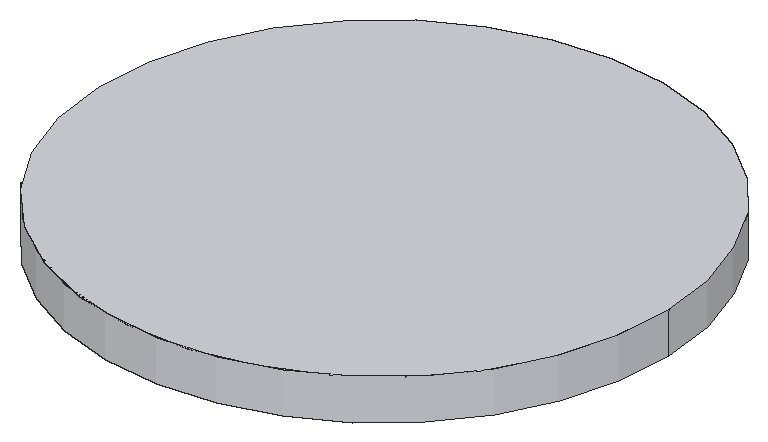
Revit family "WC DRAKAR16_RFA", category Aparatos sanitarios, Revit 2021
Family settings
  Cota de conector redondo = Diámetro de uso
  Tipo de pieza = Normal
  Número OmniClass = 23.45.00.00
  Título OmniClass = Sanitary, Laundry, and Cleaning Equipment
  Se basa en plano de trabajo = No
  Siempre vertical = Sí
  Corte con vacíos al cargar = No
  Compartido = No
  Punto de cálculo de habitación = No
Parameters (values of type "WC DRAKAR16")
  Warranty = "Helvex, S. A. de C. V. garantiza sus productos\r\ncerimicos como libres de defectos en\r\nmateriales y procesos de fabricaciyn por 30\r\naxos. En los herrajes por defectos de\r\nmanufactura por 5 axos. En el dispositivo TDS\r\nen el mingitorio seco por 3 axos. Tapa y\r\nasiento por un periodo de 2 axos. La vigencia\r\nde la garantta inicia a partir de la fecha de\r\nentrega del producto al consumidor indicada\r\nen esta Pyliza de Garantta."
  URL = "https://www.helvex.com.mx//productos/modelo/wc-drakar16-elongado-trampa-expuesta"
  Imagen de tipo = WC DRAKAR16.jpg
  Elevación por defecto = 0"
  Comentarios de tipo = "SANIVEX"
  Total Width = 16.6"
  Total Length = 29.5"
  Total Height = 31.4"
  Technical Details = "Exposed Glazed Trapway; Siphon Action Jetted Bowl; Certified Intake And Flushing Valves; Silent Intake Valve; Flush Valve With Seal; Optimum Water Surface"
  Modelo = "WC DRAKAR16"
  Min. Working Pressure = 14.2 psi
  Maximum Consumption = "1.26 gpf"
  Max. Working Pressure = 85.34 psi
  Fabricante = "HELVEX"
  Inlet Threads = "Feeding: Ø 15/16\" - 14 NS-1 Flush: Coupled With Sanitary Flange"
  High Gloss Ceramic = High Gloss Ceramic
  Features = "Disexo ergonymico de construcciyn robusta\r\ncon cerimica de 10mm de espesor, con\r\nsistema de descarga tipo vyrtice con sifyn jet\r\ny espejo de agua yptimo, mueble libre de\r\nalabeo (base plana)"
  Descripción = "W. C. Taza Tanque Drakar 16\", Ecolygico 4,8 l"
  Data Sheet = "https://www.helvex.com.mx//productos/modelo/wc-drakar16-elongado-trampa-expuesta"
  Compliance = "NOM-009-CONAGUA-2001"
  Certification = "https://www.helvex.com.mx//productos/modelo/wc-drakar16-elongado-trampa-expuesta"
  Conexión AF = yes
Reference planes (in)
  plane 1 "Center (Front/Back)": y = 0
  plane 2: z = 0
  plane 3 "Center (Left/Right)": x = 0
  plane 4: y = -12
Forms (in)
  Extrusion 1, solid
    sketch origin (0, 0, 0) x (1, 0, 0) y (0, 1, 0)
      loop
        circle (0, -12) r 2
    from 0 to 0.29112
Dimensions and locks (in)
  locked: plane 4 to plane 1 "Center (Front/Back)" at 12  (x2)
  aligned and locked: level to plane 2
Connectors (in)
  piping at (0, -14.19121, -0.43761), diameter 4
    settings: on import instance, index 1, connector inside diameter 609.6 mm, connector length 0", flow factor 0, pipe flow 0.0 GPM, pressure drop 0.0 psi, fitting loss kfactor 0, connector angle 0.00°, fixture units 0, engagement length 0", angle of deflection 0.00°, flow configuration 0, flow direction 2, fitting loss method 0, system type 16, joint type 0, gender type 0, connector reference index -1, connector utility 0, adjustable connector no, is connector primary yes, connector description ""
